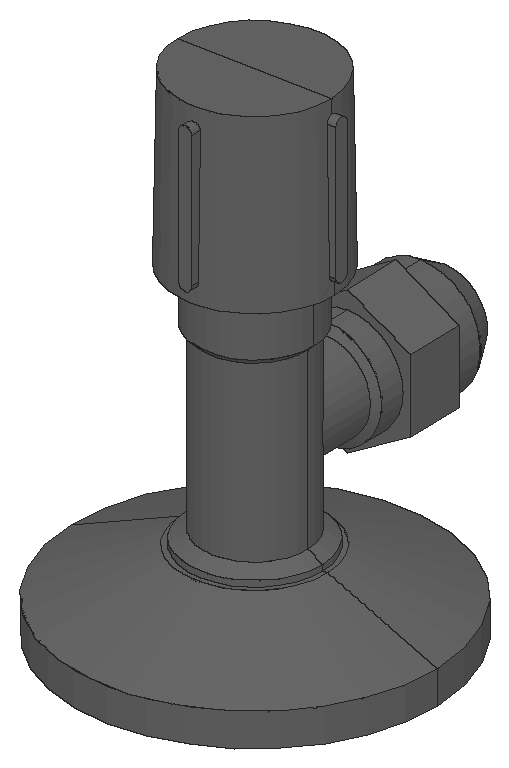
Revit family "Grohe_AngleValve_22074KF0", category Plumbing Fixtures, host Face, Revit 2020
Family settings
  Host = Face
  Round Connector Dimension = Use Diameter
  Part Type = Normal
  OmniClass Number = 23.45.05.00
  OmniClass Title = Sanitary Equipment
  Cut with Voids When Loaded = No
  Shared = No
  Room Calculation Point = No
Parameters (values of type "Angle Valve (22074KF0)")
  _ObjectUserGuide = "https://www.bimstore.co/products/grohe-22074kf0/document/object-user-guide"
  _DistributedBy = "https://www.bimstore.co/"
  _CurrentRevision = 1
  _CreatedBy = "https://www.bimstore.co/"
  _BimSpecGuid = 0
  _BSBibleVersion = 17
  _AuthorizedBy = "bimstore"
  _Author = "AM 147"
  Waste Connection = no
  WarrantyStartDate [instance] = "Please Record On Commissioning."
  WarrantyGuarantorParts = "info-uk@grohe.com"
  WarrantyGuarantorLabor = "info-uk@grohe.com"
  WarrantyDurationUnit = "Years"
  WarrantyDurationParts = "0"
  WarrantyDurationLabor = "0"
  WarrantyDescription = "n/a"
  Vent Connection = no
  URL = "https://www.grohe.co.uk/"
  TypeName = "Angle Valve"
  Type Comments = "Angle Valve"
  TPIDocumentLink = "n/a"
  SustainabilityReport = "green.grohe.com/reporting"
  SustainabilityAward = "green.grohe.com/awards"
  SpareParts = "info-uk@grohe.com"
  Size = "n/a"
  Shape = "n/a"
  SerialNumber [instance] = "Please Record On Commissioning."
  ReplacementCost = "n/a"
  ReferencedStandard = "n/a"
  ProductionYear = "2023"
  ProductType = "Classic Tap and Valve"
  ProductShortText = "Angle Valves Angle valve 1/2\""
  ProductPageURL = "https://www.grohe.co.uk/en_gb/-22074KF0.html"
  ProductNumber = "22074KF0"
  ProductDescription = "pre-roughened connection thread for easy sealing\r\n\r\nwall connection 1/2\"\r\n\r\noutlet 3/8\"\r\n\r\nwith length compensation\r\n\r\nwith compression nut Ø 10 mm\r\n\r\nwater protected spindle shutoff, brass,\r\n\r\nwith grease chamber and double o-ring sealing\r\n\r\nlong connecting shaft\r\n\r\nergonomic metal handle\r\n\r\nmarking: neutral\r\n\r\nmetal push-on escutcheon Ø 55 mm\r\n\r\nGROHE Long-Life Shine finish"
  PrimaryMaterial = Grohe_MattBlack
  PQDiagramLink = "n/a"
  NominalLength = 0.0 mm
  NominalHeight = 0.0 mm
  NominalDepth = 0.0 mm
  NBSReference = "90-10-90/330"
  NBSOfficeMasterTag = "n/a"
  NBSObjectName = "Grohe - Ball valves"
  NBSNote = "n/a"
  NBSDescription = "Ball valves"
  ModelReference = "Angle Valve"
  ModelNumber = "22074KF0"
  Model = "Angle Valve"
  Material = "n/a"
  ManufacturerName = "Grohe"
  Manufacturer = "Grohe"
  Keynote = "N13"
  InstallationDate [instance] = "Please Record On Commissioning."
  IfcExportType = "IfcPipeFittingType"
  IfcExportAs = "IfcPipeFitting"
  HW Connection = yes
  Grade = "n/a"
  GROHESustainability = "green.grohe.com"
  GROHESocialCommittment = "green.grohe.com/social_engagement"
  FullRecyclabilityOfPlastic = "All plastic components are fully recyclable"
  Finish = "n/a"
  Features = "n/a"
  ExpectedLife = 0
  Ecojoy = no
  EFSE0002 = "FALSE"
  EFNL0001 = "FALSE"
  EF023686 = "Other"
  EF023662 = "TRUE"
  EF020971 = "not relevant"
  EF020970 = "3/8 inch"
  EF020969 = "Compression ring"
  EF020963 = "FALSE"
  EF020791 = "Brass"
  EF020785 = "1/2 inch"
  EF020781 = "Top section, ceramic"
  EF005464 = "0"
  EF003454 = "FALSE"
  EF002671 = "Black"
  EF002286 = "External thread"
  EF002147 = "Handle"
  EF000113 = "TRUE"
  EF000051 = "Right-angled"
  DurationUnit = "Years"
  DocumentationTechnical = "https://www.bimstore.co/products/grohe-22074kf0/document/technical-data-sheet"
  DocumentationMaintenance = "https://www.bimstore.co/products/grohe-22074kf0/document/maintenance-information"
  DocumentationLiterature = "https://www.bimstore.co/products/grohe-22074kf0/document/product-literature"
  DocumentationInstallationGuide = "https://www.bimstore.co/products/grohe-22074kf0/document/installation-guide"
  DocumentationCertificates = "https://www.bimstore.co/products/grohe-22074kf0/document/product-certificates"
  DimensionsDocumentLink = "https://cdn.cloud.grohe.com/dimdraw/1000/1900/1950/1952/1952387/1280/1952387.jpg"
  Description = "Angle Valve"
  Default Elevation = 0.0 mm
  CreatedOn = "2023-03-01T09:00:00"
  CreatedBy = "info-uk@grohe.com"
  CradleToCradleCertification = "n/a"
  Cost = 0
  Constituents = "n/a"
  Color = "Matt Black"
  CodePerformance = "n/a"
  ClassificationValue = "Pr_65_54_95_06"
  ClassificationName = "Uniclass2015"
  CW Connection = yes
  CO2NeutralProduction = "GROHE is one of the first leading manufacturer within the sanitary industry having a CO2-neutral production."
  BarCode [instance] = "Please Record On Commissioning."
  BIMObjectName = "Grohe_AngleValve_22074KF0"
  AssetType = "Fixed"
  AssetIdentifier [instance] = "n/a"
  Assembly Code = "D2010"
  AccessibilityPerformance = "n/a"
Reference planes
  plane 1 "Center (Front/Back)": y = 0
  plane 2: z = 0
  plane 3 "Center (Left/Right)": x = 0
Forms (mm)
  Revolve 1, solid, material "Grohe_MattBlack" <- "PrimaryMaterial", detail levels medium+fine
    sketch origin (0, 0, 0) x (1, 0, 0) y (0, 0, 1)
      loop
        line (0, 0) -> (0, 49.743) -> (-8.9, 49.743) -> (-8.9, 41.793) -> (-8, 40.893) -> (-8, 14.173) -> (-10.209, 12.897) -> (-10.209, 12) -> (-11.009, 12) -> (-27.5, 5) -> (-27.5, 0) -> (0, 0)
      axis (0, 0) -> (0, 49.743)
    angle from 0 to 360
  Revolve 2, solid, material "Grohe_MattBlack" <- "PrimaryMaterial", detail levels medium+fine
    sketch origin (0, 0, 0) x (0, 1, 0) y (0, 0, 1)
      loop
        line (35.411, 34.143) -> (31.081, 36.643) -> (26.411, 36.643) -> (26.411, 27.643) -> (31.081, 27.643) -> (31.081, 32.643) -> (35.411, 32.643) -> (35.411, 34.143)
      loop
        line (17.411, 35.868) -> (13.544, 35.868) -> (12.837, 34.643) -> (0, 34.643) -> (0, 27.643) -> (17.411, 27.643) -> (17.411, 35.868)
      axis (35.411, 27.643) -> (0, 27.643)
    angle from 0 to 360
  Extrusion 3, solid, material "Grohe_MattBlack" <- "PrimaryMaterial", detail levels medium+fine
    sketch origin (0, 0, 0) x (1, 0, 0) y (0, 0, 1)
      loop
        line (-9.5, 33.128) -> (-9.5, 22.158) -> (0, 16.673) -> (9.5, 22.158) -> (9.5, 33.128) -> (0, 38.612) -> (-9.5, 33.128)
    from -26.411 to -17.411
  Revolve 4, solid, material "Grohe_MattBlack" <- "PrimaryMaterial", detail levels medium+fine
    sketch origin (0, 0, 0) x (1, 0, 0) y (0, 0, 1)
      loop
        line (0, 49.743) -> (0, 75.943) -> (-11.543, 75.943) -> (-12, 49.743) -> (0, 49.743)
      axis (0, 49.743) -> (0, 75.943)
    angle from 0 to 360
  Extrusion 5, solid, material "Grohe_MattBlack" <- "PrimaryMaterial", detail levels medium+fine
    sketch origin (0, 0, 0) x (1, 0, 0) y (0, 0, 1)
      loop
        line (-1, 72.943) -> (-1, 52.743)
        arc (-1, 52.743) -> (0, 51.743) -> (1, 52.743) r 1
        line (1, 52.743) -> (1, 72.943)
        arc (1, 72.943) -> (0, 73.943) -> (-1, 72.943) r 1
    from -12.959 to 13
  Extrusion 6, solid, material "Grohe_MattBlack" <- "PrimaryMaterial", detail levels medium+fine
    sketch origin (0, 0, 0) x (0, 1, 0) y (0, 0, 1)
      loop
        arc (1, 72.943) -> (0, 73.943) -> (-1, 72.943) r 1
        line (-1, 72.943) -> (-1, 52.743)
        arc (-1, 52.743) -> (0, 51.743) -> (1, 52.743) r 1
        line (1, 52.743) -> (1, 72.943)
    from -13 to 13
  Revolve 7, solid, material "Grohe_MattBlack" <- "PrimaryMaterial", detail levels coarse
    sketch origin (0, 0, 0) x (1, 0, 0) y (0, 0, 1)
      loop
        line (0, 0) -> (0, 49.743) -> (-8.9, 49.743) -> (-8.9, 12.895) -> (-27.5, 5) -> (-27.5, 0) -> (0, 0)
      axis (0, 0) -> (0, 49.743)
    angle from 0 to 360
  Revolve 8, solid, material "Grohe_MattBlack" <- "PrimaryMaterial", detail levels coarse
    sketch origin (0, 0, 0) x (0, 1, 0) y (0, 0, 1)
      loop
        line (0, 36.143) -> (0, 27.643) -> (31.081, 27.643) -> (31.081, 32.643) -> (35.411, 32.643) -> (35.411, 36.143) -> (0, 36.143)
      axis (0, 27.643) -> (35.411, 27.643)
    angle from 0 to 360
  Revolve 9, solid, material "Grohe_MattBlack" <- "PrimaryMaterial", detail levels coarse
    sketch origin (0, 0, 0) x (0, 1, 0) y (0, 0, 1)
      loop
        line (0, 49.743) -> (12, 49.743) -> (12, 75.943) -> (0, 75.943) -> (0, 49.743)
      axis (0, 49.743) -> (0, 75.943)
    angle from 0 to 360
Cuts and joins
  joined: Revolve 7, Revolve 8
  joined: Revolve 1, Revolve 2
  joined: Revolve 4, Extrusion 5, Extrusion 6
Dimensions and locks
  aligned and locked: plane 2 to host face
  aligned and locked: level to host face
Connectors
  piping at (0, 35.411, 27.643), diameter 10
    settings: on cut or joined group of Revolve 1, Revolve 2, index 1, connector inside diameter 609.6 mm, connector length 0.0 mm, flow factor 0, pipe flow 0.0 L/s, pressure drop 0.0 Pa, fitting loss kfactor 0, connector angle 0.00°, fixture units 0, engagement length 0.0 mm, angle of deflection 0.00°, flow configuration 0, flow direction 2, fitting loss method 0, system type 29, joint type 0, gender type 0, connector reference index 2, connector utility 0, adjustable connector no, is connector primary yes, connector description ""
  piping at (0, 0, 0), diameter 10
    settings: on cut or joined group of Revolve 7, Revolve 8, index 2, connector inside diameter 609.6 mm, connector length 0.0 mm, flow factor 0, pipe flow 0.0 L/s, pressure drop 0.0 Pa, fitting loss kfactor 0, connector angle 0.00°, fixture units 0, engagement length 0.0 mm, angle of deflection 0.00°, flow configuration 0, flow direction 1, fitting loss method 0, system type 29, joint type 0, gender type 0, connector reference index 1, connector utility 0, adjustable connector no, is connector primary no, connector description ""
